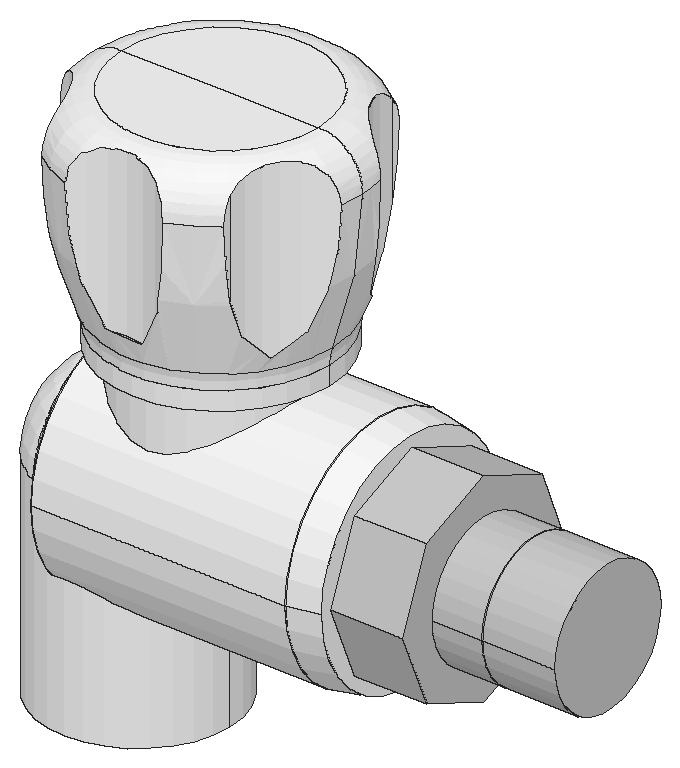
Revit family "PA_Арматура трубопроводов [кран шаровой полипропиленовый со сгоном угловой VTp.718.0]1 - VALTEC", category Арматура трубопроводов, Revit 2019
Family settings
  Размер круглого соединителя = Использовать диаметр
  Тип детали = Клапан - Вставляется
  На основе рабочей плоскости = Нет
  Всегда вертикально = Нет
  При загрузке вырезать с полостями = Нет
  Общий = Нет
Parameters (values of type "25 мм х 3/4"")
  Таблица = "PA_Арматура трубопроводов [кран шаровой полипропиленовый со сгоном угловой VTp.718.0] - VALTEC"  # constant formula
  Пользовательский [instance] = no
  Manufacturer = ""
  d_2 [instance] = size_lookup(Таблица, "d_2", 0 mm, d_1)  # 15 mm
  d5 [instance] = size_lookup(Таблица, "d5", 0 mm, d_1, d_2)  # 29 mm
  d4 [instance] = size_lookup(Таблица, "d4", 0 mm, d_1, d_2)  # 20.7 mm
  d3 [instance] = size_lookup(Таблица, "d3", 0 mm, d_1, d_2)  # 35.24 mm
  d2 [instance] = size_lookup(Таблица, "d2", 0 mm, d_1, d_2)  # 37 mm
  d1 [instance] = size_lookup(Таблица, "d1", 0 mm, d_1, d_2)  # 26.64 mm
  d_1 [instance] = 20 mm
  b1 [instance] = 50 mm  # constant formula
  D [instance] = size_lookup(Таблица, "D", 0 mm, d_1, d_2)  # 33.5 mm
  B [instance] = size_lookup(Таблица, "B", 0 mm, d_1, d_2)  # 55.98 mm
  a7 [instance] = size_lookup(Таблица, "a7", 0 mm, d_1, d_2)  # 11.5 mm
  a6 [instance] = size_lookup(Таблица, "a6", 0 mm, d_1, d_2)  # 8 mm
  a5 [instance] = size_lookup(Таблица, "a5", 0 mm, d_1, d_2)  # 11.5 mm
  a4 [instance] = size_lookup(Таблица, "a4", 0 mm, d_1, d_2)  # 5 mm
  a3 [instance] = size_lookup(Таблица, "a3", 0 mm, d_1, d_2)  # 25 mm
  a2 [instance] = size_lookup(Таблица, "a2", 0 mm, d_1, d_2)  # 15.11 mm
  a1 [instance] = size_lookup(Таблица, "a1", 0 mm, d_1, d_2)  # 3.62 mm
  URL = "https://valtec.ru/"
  S [instance] = size_lookup(Таблица, "S", 0 mm, d_1, d_2)  # 29.5 mm
  ADSK_Расход жидкости [instance] = 0.0 L/s
  ADSK_Примечание [instance] = ""
  ADSK_Потеря давления жидкости [instance] = 0.0 Pa
  ADSK_Позиция [instance] = ""
  ADSK_Обозначение [instance] = "VTp.718.0"  # constant formula
  ADSK_Наименование [instance] = size_lookup(Таблица, "", "Данный типоразмер отсутствует", d_1, d_2)  # "Кран шаровой полипропиленовый со сгоном угловой, Ду15"
  Материал доп.1 = Белый - VALTEC
  ADSK_Материал = Сталь, нержавеющая - VALTEC
  ADSK_Масса [instance] = size_lookup(Таблица, "Масса", 0, d_1, d_2)  # 0.16
  ADSK_Марка [instance] = size_lookup(Таблица, "Маркировка", "Данный типоразмер отсутствует", d_1, d_2)  # "VTp.718.0"
  ADSK_Код изделия [instance] = size_lookup(Таблица, "Код продукта", "Данный типоразмер отсутствует", d_1, d_2)  # "VTp.718.0.02004"
  ADSK_Завод-изготовитель [instance] = "VALTEC"  # constant formula
  ADSK_Единица измерения [instance] = "шт."  # constant formula
  ADSK_URL страницы изделия = "https://valtec.ru/catalog/sistemy_polipropilenovyh_truboprovodov/armatura_dlya_polipropilenovyh_truboprovodov/kran_sharovoj_polipropilenovyj_uglovoj_vtp7180.html"
  ADSK_URL документации изделия = "https://valtec.ru/document/technical/VTp.717-VTp.718-7-566.pdf"
  A [instance] = size_lookup(Таблица, "A", 0 mm, d_1, d_2)  # 74 mm
Types (3): name
  (no name)
  20 мм х 1/2"
  25 мм х 3/4"
Reference planes
  plane 1 "По центру (Вперед/Назад)": y = 0
  plane 2: z = 0
  plane 3 "По центру (Влево/Вправо)": x = 0
  plane 4: x = 25
  plane 5: x = -15.11
  plane 6: x = -18.73
  plane 7: x = -13
  plane 8: x = 30
  plane 9: x = 41.5
  plane 10: x = 61
  plane 11: x = 49.5
  plane 12: z = 55.98
  plane 13: z = -33.5
  plane 14: z = 25
  plane 15: z = -25
  plane 16: x = 12
  plane 17: x = -38
  plane 18: y = 25
  plane 19: y = -25
  plane 20: z = 50.98
Forms (mm)
  Blend 1, solid, material "Белый - VALTEC" <- "Материал доп.1", detail levels medium+fine
    base sketch origin (0, 0, 0) x (0, 1, 0) y (0, 0, 1)
      loop
        circle (0, 0) r 13.32
    top sketch origin (0, 0, 0) x (0, 1, 0) y (0, 0, 1)
      loop
        circle (0, 0) r 18.5
    from -18.73 to -15.11
  Extrusion 2, solid, material "Белый - VALTEC" <- "Материал доп.1", detail levels medium+fine
    sketch origin (0, 0, 0) x (0, 1, 0) y (0, 0, 1)
      loop
        circle (0, 0) r 18.5
    from -15.11 to 25
  Blend 3, solid, material "Белый - VALTEC" <- "Материал доп.1", detail levels medium+fine
    base sketch origin (0, 0, 0) x (0, 1, 0) y (0, 0, 1)
      loop
        circle (0, 0) r 18.5
    top sketch origin (0, 0, 0) x (0, 1, 0) y (0, 0, 1)
      loop
        circle (0, 0) r 17.62
    from 25 to 30
  Extrusion 4, solid, material "Сталь, нержавеющая - VALTEC" <- "ADSK_Материал", detail levels medium+fine
    sketch origin (0, 0, 0) x (0, 1, 0) y (0, 0, 1)
      loop
        circle (0, 0) r 10.35
    from 41.5 to 49.5
  Extrusion 5, solid, material "Сталь, нержавеющая - VALTEC" <- "ADSK_Материал", detail levels medium+fine
    sketch origin (0, 0, 0) x (0, 1, 0) y (0, 0, 1)
      loop
        circle (0, 0) r 10.35
    from 49.5 to 61
  Extrusion 6, solid, material "Белый - VALTEC" <- "Материал доп.1", detail levels medium+fine
    sketch origin (0, 0, 0) x (1, 0, 0) y (0, 1, 0)
      loop
        circle (0, 0) r 14.5
    from 0 to 50.98
  Revolve 7, solid, material "Белый - VALTEC" <- "Материал доп.1", detail levels medium+fine
    sketch origin (0, 0, 0) x (1, 0, 0) y (0, 0, 1)
      loop
        line (-27.5, 0) -> (-27.5, -33.5) -> (-13, -33.5) -> (-13, 14.5)
        arc (-13, 14.5) -> (-23.253, 10.253) -> (-27.5, 0) r 14.5
      axis (-13, 14.5) -> (-13, -33.5)
    angle from 0 to 360
Lines and regions (mm)
  symbolic lines, style "PipeAccessory", detail levels coarse
    curve 1: line (-13, 25.047, 0) -> (-13, -25.047, 0)
    curve 2: line (-13, -25.047, 0) -> (49.5, 25, 0)
    curve 3: line (49.5, 25, 0) -> (49.5, -25, 0)
    curve 4: line (49.5, -25, 0) -> (-13, 25.047, 0)
  model lines, style "PipeAccessory", detail levels coarse
    curve 5: line (12, 0, -33.5) -> (-13, 0, 0)
    curve 6: line (-13, 0, 0) -> (-38, 0, -33.5)
    curve 7: line (-38, 0, -33.5) -> (12, 0, -33.5)
    curve 8: line (-13, 0, 0) -> (49.5, 0, 25)
    curve 9: line (49.5, 0, 25) -> (49.5, 0, -25)
    curve 10: line (49.5, 0, -25) -> (-13, 0, 0)
Dimensions and locks
  "a1": plane 5 to plane 6
  "a4": plane 8 to plane 4
  "a5": plane 9 to plane 8
  "a6": plane 11 to plane 9
  "a7": plane 10 to plane 11
  "a2": plane 3 "По центру (Влево/Вправо)" to plane 5
  "a3": plane 4 to plane 3 "По центру (Влево/Вправо)"
  "B": plane 12 to plane 2
  "D": plane 2 to plane 13
  "A": plane 10 to plane 7
  equal spacing: plane 14, plane 2, plane 15
  "b1": plane 14 to plane 15
  equal spacing: plane 16, plane 7, plane 17
  "b1": plane 16 to plane 17
  equal spacing: plane 18, plane 1 "По центру (Вперед/Назад)", plane 19
  "b1": plane 18 to plane 19
  locked: plane 12 to plane 20 at 5
  "d2": diameter of Blend 1 sketch curve
  "d1": diameter of Blend 1 sketch curve
  "d2": diameter of Extrusion 2 sketch curve
  "d2": diameter of Blend 3 sketch curve
  "d3": diameter of Blend 3 sketch curve
  "d4": diameter of Extrusion 4 sketch curve
  "d4": diameter of Extrusion 5 sketch curve
  "d5": diameter of Extrusion 6 sketch curve
  "d5": diameter of Revolve 7 sketch curve
  aligned and locked: level to plane 2
  aligned and locked: Blend 1 to plane 6
  aligned and locked: plane 5 to Blend 1
  aligned and locked: Extrusion 2 to plane 5
  aligned and locked: plane 4 to Extrusion 2
  aligned and locked: plane 8 to Blend 3
  aligned and locked: Blend 3 to plane 4
  aligned and locked: Extrusion 4 to plane 9
  aligned and locked: plane 11 to Extrusion 4
  aligned and locked: Extrusion 5 to Extrusion 4
  aligned and locked: plane 10 to Extrusion 5
  aligned and locked: plane 3 "По центру (Влево/Вправо)" to nested 1
  aligned and locked: plane 1 "По центру (Вперед/Назад)" to nested 1
  aligned and locked: Extrusion 6 to level
  aligned and locked: nested 2 to plane 8
  aligned and locked: plane 1 "По центру (Вперед/Назад)" to nested 2
  aligned and locked: nested 2 to plane 2
  aligned and locked: plane 12 to nested 1
  aligned and locked: curve 3 to plane 11
  aligned and locked: plane 20 to Extrusion 6
Automatic sketch dimensions
  Blend 1 sketch curve to level = 0 mm  (x2)
  Blend 1 sketch curve to plane 1 "По центру (Вперед/Назад)" = 0 mm  (x2)
  Extrusion 2 sketch curve to level = 0 mm
  Extrusion 2 sketch curve to plane 1 "По центру (Вперед/Назад)" = 0 mm
  Blend 3 sketch curve to level = 0 mm  (x2)
  Blend 3 sketch curve to plane 1 "По центру (Вперед/Назад)" = 0 mm  (x2)
  Extrusion 4 sketch curve to level = 0 mm
  Extrusion 4 sketch curve to plane 1 "По центру (Вперед/Назад)" = 0 mm
  Extrusion 5 sketch curve to level = 0 mm
  Extrusion 5 sketch curve to plane 1 "По центру (Вперед/Назад)" = 0 mm
  plane 1 "По центру (Вперед/Назад)" to Extrusion 6 sketch curve = 0 mm
  Extrusion 6 sketch curve to plane 3 "По центру (Влево/Вправо)" = 0 mm
  Revolve 7 sketch curve to plane 13 = 0 mm
  Revolve 7 sketch curve to level = 0 mm
  Revolve 7 sketch curve to plane 7 = 0 mm  (x2)
  Revolve 7 sketch curve to plane 13 = 155.294 mm
  plane 12 to Revolve 7 sketch curve = 73.291 mm
  curve 6 to plane 13 = 0 mm
  curve 5 to plane 16 = 0 mm
  curve 7 to plane 17 = 0 mm
  curve 9 to plane 11 = 0 mm
  curve 8 to level = 0 mm
  curve 9 to plane 15 = 0 mm
  curve 9 to plane 14 = 0 mm
  curve 10 to plane 7 = 0 mm
  curve 1 to plane 7 = 0 mm
  curve 4 to plane 19 = 0 mm
  curve 3 to plane 18 = 0 mm
  curve 2 to plane 19 = 0.047 mm
  plane 18 to curve 4 = 0.047 mm
Nested families
  nested 1: "Ручка VALTEC" at (0, 0, 20.2), d <- "d_2", type "Ручка", detail levels medium+fine
    with d2 26.61 mm, d1 63.64 mm, d 15 mm, b4 35.78 mm, b3 28.89 mm, b2 5.53 mm, b1 2.9 mm, a4 31 mm, a3 44.78 mm, a2 35.49 mm, a1 34.44 mm
  nested 2: "Гайка - горизонталь" at (35.75, 0, 0), l <- "a5", d <- "S", type "Гайка - горизонталь", detail levels medium+fine
    with l2 9.2 mm, l 11.5 mm, d2 23.6 mm, d 29.5 mm, ADSK_Материал Сталь, нержавеющая - VALTEC
Connectors
  piping at (49.5, 0, 0), diameter 15, driven by "d_2", driven by "ADSK_Расход жидкости"
    settings: on Extrusion 4, index 2, connector inside diameter 609.6 mm, connector length 0 mm, flow factor 0, pipe flow 0.0 L/s, pressure drop 0.0 Pa, fitting loss kfactor 0, connector angle 0.00°, fixture units 0, engagement length 0 mm, angle of deflection 0.00°, flow configuration 0, flow direction 0, fitting loss method 0, system type 29, joint type 0, gender type 0, connector reference index 3, connector utility 0, adjustable connector no, is connector primary no, connector description ""
  piping at (-13, 0, -33.5), diameter 20, driven by "d_1", driven by "ADSK_Расход жидкости", driven by "ADSK_Потеря давления жидкости"
    settings: on Revolve 7, index 3, connector inside diameter 609.6 mm, connector length 0 mm, flow factor 0, pipe flow 0.0 L/s, pressure drop 0.0 Pa, fitting loss kfactor 0, connector angle 0.00°, fixture units 0, engagement length 0 mm, angle of deflection 0.00°, flow configuration 0, flow direction 0, fitting loss method 4, system type 29, joint type 0, gender type 0, connector reference index 2, connector utility 0, adjustable connector no, is connector primary yes, connector description ""
Definition of nested family "Ручка VALTEC"
  Parameters (values of type "Ручка")
    материал 1 = none
    Таблица = "Ручка VALTEC"  # constant formula
    Manufacturer = "VALTEC"  # constant formula
    d1 [instance] = size_lookup("Ручка VALTEC", "d1", 0 mm, d)  # 73.9 mm
    d2 [instance] = size_lookup("Ручка VALTEC", "d2", 0 mm, d)  # 30.9 mm
    d [instance] = 20 mm
    b4 [instance] = size_lookup("Ручка VALTEC", "b4", 0 mm, d)  # 41.55 mm
    b1 [instance] = size_lookup("Ручка VALTEC", "b1", 0 mm, d)  # 3.37 mm
    b3 [instance] = size_lookup("Ручка VALTEC", "b3", 0 mm, d)  # 33.55 mm
    b2 [instance] = size_lookup("Ручка VALTEC", "b2", 0 mm, d)  # 6.43 mm
    a4 [instance] = size_lookup("Ручка VALTEC", "a4", 0 mm, d)  # 36 mm
    a3 [instance] = size_lookup("Ручка VALTEC", "a3", 0 mm, d)  # 52 mm
    a2 [instance] = size_lookup("Ручка VALTEC", "a2", 0 mm, d)  # 41.22 mm
    a1 [instance] = size_lookup("Ручка VALTEC", "a1", 0 mm, d)  # 40 mm
    URL = "https://valtec.ru/"
    ADSK_URL страницы изделия = ""
    ADSK_URL документации изделия = ""
  Reference planes
    plane 1 "По центру (Вперед/Назад)": y = 0
    plane 2: z = 0
    plane 3 "По центру (Влево/Вправо)": x = 0
    plane 4: z = 41.55
    plane 5: x = -26
    plane 6: z = 33.55
    plane 7: z = 6.43
    plane 8: z = 3.37
    plane 9: x = -20.61
    plane 10: x = -20
    plane 11: x = -18
    plane 12: through (0, 0, 1200) normal (-0.5, 0.866, 0)
    plane 13: through (0, 0, 1200) normal (-0.5, -0.866, 0)
    plane 14: through (0, 0, 1200) normal (-0.866, -0.5, 0)
    plane 15: through (0, 0, 1200) normal (-0.866, 0.5, 0)
    plane 16: x = 20
    plane 17: x = 20.61
    plane 18: x = 18
    plane 19: x = 26
  Forms (mm)
    Revolve 1, solid, material <- "материал 1"
      sketch origin (0, 0, 0) x (1, 0, 0) y (0, 0, 1)
        loop
          line (0, 41.55) -> (-18, 41.55)
          arc (-18, 41.55) -> (-23.657, 39.207) -> (-26, 33.55) r 8
          arc (-26, 33.55) -> (-24.639, 19.725) -> (-20.61, 6.43) r 70.923
          arc (-20.61, 6.43) -> (-20.154, 4.93) -> (-20, 3.37) r 7.98
          line (-20, 3.37) -> (-20, 0) -> (0, 0) -> (0, 41.55)
        axis (0, 41.55) -> (0, 0)
      angle from 0 to 360
    Extrusion 2, void
      sketch origin (0, 0, 0) x (1, 0, 0) y (0, 1, 0)
        loop
          circle (0, 36.95) r 15.45
        loop
          circle (32, 18.475) r 15.45
        loop
          circle (32, -18.475) r 15.45
        loop
          circle (0, -36.95) r 15.45
        loop
          circle (-32, -18.475) r 15.45
        loop
          circle (-32, 18.475) r 15.45
      from 0 to 41.55 <- "b4"
  Cuts and joins
    Extrusion 2 cuts Revolve 1
  Dimensions and locks
    "b4": plane 4 to plane 2
    "b3": plane 6 to plane 2
    "b2": plane 7 to plane 2
    "b1": plane 8 to plane 2
    equal spacing: Extrusion 2 sketch curve, plane 1 "По центру (Вперед/Назад)", Extrusion 2 sketch curve
    equal spacing: Extrusion 2 sketch curve, plane 14, Extrusion 2 sketch curve
    equal spacing: Extrusion 2 sketch curve, plane 15, Extrusion 2 sketch curve
    "d1": Extrusion 2 sketch curve to Extrusion 2 sketch curve  (x3)
    equal spacing: plane 16, plane 3 "По центру (Влево/Вправо)", plane 10
    equal spacing: plane 17, plane 3 "По центру (Влево/Вправо)", plane 9
    equal spacing: plane 19, plane 3 "По центру (Влево/Вправо)", plane 5
    equal spacing: plane 18, plane 3 "По центру (Влево/Вправо)", plane 11
    "a1": plane 16 to plane 10
    "a2": plane 17 to plane 9
    "a4": plane 18 to plane 11
    "a3": plane 19 to plane 5
    "d2": diameter of Extrusion 2 sketch curve  (x6)
    aligned and locked: level to plane 2
    aligned and locked: plane 13 to Extrusion 2 sketch curve  (x2)
    aligned and locked: plane 3 "По центру (Влево/Вправо)" to Extrusion 2 sketch curve  (x2)
    aligned and locked: plane 12 to Extrusion 2 sketch curve  (x2)
  Automatic sketch dimensions
    Revolve 1 sketch curve to plane 8 = 0 mm
    Revolve 1 sketch curve to plane 5 = 0 mm  (x2)
    Revolve 1 sketch curve to plane 7 = 0 mm
    Revolve 1 sketch curve to plane 9 = 0 mm
    Revolve 1 sketch curve to level = 0 mm
    Revolve 1 sketch curve to plane 10 = 0 mm
    Revolve 1 sketch curve to plane 4 = 0 mm
    Revolve 1 sketch curve to plane 11 = 0 mm
    Revolve 1 sketch curve to plane 3 "По центру (Влево/Вправо)" = 0 mm  (x2)
    Revolve 1 sketch curve to level = 366.045 mm
    Revolve 1 sketch curve to Revolve 1 sketch curve = 2178.515 mm
Definition of nested family "Гайка - горизонталь"
  Parameters (values of type "Гайка - горизонталь")
    l2 [instance] = l * 80 / 100  # 509.92 mm
    d2 [instance] = d * 80 / 100  # 471.105 mm
    d [instance] = 588.881 mm
    l [instance] = 637.4 mm
    ADSK_Материал [instance] = none
  Reference planes
    plane 1 "По центру (Вперед/Назад)": y = 0
    plane 2: z = 0
    plane 3 "По центру (Влево/Вправо)": x = 0
    plane 4: y = 294.44
    plane 5: y = -294.44
    plane 6: through (0, -912.519, 2972.425) normal (0, -0.9239, -0.3827)
    plane 7: through (0, -1234.338, 2979.956) normal (0, -0.9239, -0.3827)
    plane 8: through (0, -1556.157, 2987.486) normal (0, -0.9239, -0.3827)
    plane 9: through (0, 1234.338, 2979.956) normal (0, -0.9239, 0.3827)
    plane 10: through (0, -2420.114, 1321.144) normal (0, -0.3827, -0.9239)
    plane 11: through (0, -2532.792, 1049.117) normal (0, -0.3827, -0.9239)
    plane 12: through (0, -2645.469, 777.089) normal (0, -0.3827, -0.9239)
    plane 13: through (0, 2420.114, 1321.144) normal (0, -0.3827, 0.9239)
    plane 14: through (0, 2532.792, 1049.117) normal (0, -0.3827, 0.9239)
    plane 15: through (0, 2645.469, 777.089) normal (0, -0.3827, 0.9239)
    plane 16: through (0, 912.519, 2972.425) normal (0, -0.9239, 0.3827)
    plane 17: through (0, 1234.338, 2979.956) normal (0, -0.9239, 0.3827)
    plane 18: through (0, 1556.157, 2987.486) normal (0, -0.9239, 0.3827)
    plane 19: x = 318.7
    plane 20: x = -318.7
  Forms (mm)
    Extrusion 1, solid, material <- "ADSK_Материал"
      sketch origin (0, 0, 0) x (0, 1, 0) y (0, 0, 1)
        loop
          line (0, 318.7) -> (-225.355, 225.355) -> (-318.7, 0) -> (-225.355, -225.355) -> (0, -318.7) -> (225.355, -225.355) -> (318.7, 0) -> (225.355, 225.355) -> (0, 318.7)
      from -318.7 to 318.7
  Lines and regions (mm)
    reference lines
      curve 1: line (0, -112.677, -272.027) -> (0, 112.677, 272.027)
      curve 2: line (0, -272.027, 112.677) -> (0, 272.027, -112.677)
      curve 3: line (-254.96, 0, 0) -> (254.96, 0, 0)
      curve 4: line (-318.7, 235.552, 0) -> (-318.7, -235.552, 0)
  Dimensions and locks
    equal spacing: plane 4, plane 1 "По центру (Вперед/Назад)", plane 5
    "d": plane 4 to plane 5
    equal spacing: plane 8, plane 7, plane 6
    "d": plane 8 to plane 6
    equal spacing: plane 12, plane 11, plane 10
    "d": plane 12 to plane 10
    equal spacing: plane 15, plane 14, plane 13
    "d": plane 15 to plane 13
    equal spacing: plane 18, plane 17, plane 16
    "d": plane 18 to plane 16
    equal spacing: plane 20, plane 3 "По центру (Влево/Вправо)", plane 19
    "l": plane 20 to plane 19
    equal spacing: curve 3, plane 3 "По центру (Влево/Вправо)", curve 3
    "l2": curve 3 to curve 3
    equal spacing: curve 4, plane 1 "По центру (Вперед/Назад)", curve 4
    "d2": curve 4 to curve 4
    aligned and locked: level to plane 2
    aligned and locked: plane 10 to Extrusion 1 sketch curve
    aligned and locked: plane 13 to Extrusion 1 sketch curve
    aligned and locked: plane 16 to Extrusion 1 sketch curve
    aligned and locked: Extrusion 1 sketch curve to plane 8
    aligned and locked: Extrusion 1 sketch curve to plane 12
    aligned and locked: Extrusion 1 sketch curve to plane 15
    aligned and locked: Extrusion 1 sketch curve to plane 18
    aligned and locked: plane 6 to Extrusion 1 sketch curve
    aligned and locked: plane 19 to Extrusion 1
    aligned and locked: plane 20 to Extrusion 1
    aligned and locked: Extrusion 1 to plane 19
    aligned and locked: plane 16 to curve 2
    aligned and locked: plane 18 to curve 2
    aligned and locked: curve 2 to plane 11
    aligned and locked: plane 12 to curve 1
    aligned and locked: plane 10 to curve 1
    aligned and locked: curve 1 to plane 17
    aligned and locked: plane 1 "По центру (Вперед/Назад)" to curve 3
    aligned and locked: plane 20 to curve 4
